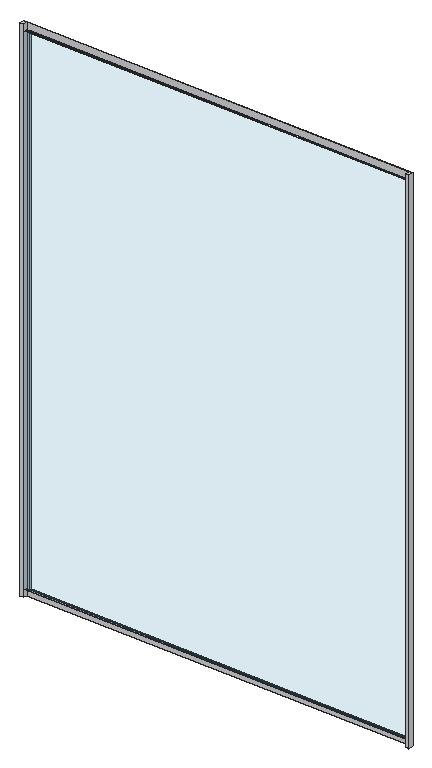
Revit family "ALSPEC HASTINGS 101.6 DGL GLZ", category Curtain Panels, Revit 2017
Family settings
  OmniClass Number = 23.25.20.14.11.11.17
  OmniClass Title = Infill Panels
  Always vertical = Yes
  Cut with Voids When Loaded = No
  Shared = No
Parameters
  YEAR = "2019"
  VERSION = "1.0"
  TODAYS DATE = "01.03.2019"
  OFFSET = 89 mm
  DOUBLE GLAZED THICKNESS = 25 mm
  CREATOR = " Scott Isouard"  # constant formula
  COMPANY = "Archvis"  # constant formula
  Analytic Construction = "<None>"
  ANZRC Compliant = yes
  A = if(DOUBLE GLAZED THICKNESS > 25 mm, 25 mm, if(DOUBLE GLAZED THICKNESS < 24 mm, 24 mm, DOUBLE GLAZED THICKNESS))  # 25 mm
Reference planes
  plane 1 "Center (Front/Back)": y = 0
  plane 2: z = 0
  plane 3 "Center (Left/Right)": x = 0
  plane 4 "Left": x = -1500
  plane 5 "Right": x = 1500
  plane 6 "Top": z = 4000
  plane 7: y = 83
  plane 8: x = -1550
  plane 9: x = 1550
  plane 10: z = -50
  plane 11: z = 4050
  plane 12: y = 89
  plane 13: y = 70.4
  plane 14: y = 64
Forms (mm)
  Extrusion 1, solid, material "Glass"
    sketch origin (0, 0, 0) x (1, 0, 0) y (0, 1, 0)
      loop
        line (-1525, 83) -> (1525, 83) -> (1525, 89) -> (-1525, 89) -> (-1525, 83)
      loop
        line (-1525, 70.4) -> (-1525, 64) -> (1525, 64) -> (1525, 70.4) -> (-1525, 70.4)
    from 0 to 4000
  Extrusion 2, solid
    sketch origin (-640, 0, 0) x (1, 0, 0) y (0, 1, 0)
      loop
        line (-860, 89) -> (2140, 89) -> (2140, 96) -> (-860, 96) -> (-860, 89)
    from 0 to -50
  Extrusion 3, solid
    sketch origin (-560, 0, 0) x (1, 0, 0) y (0, 1, 0)
      loop
        line (-940, 89) -> (2060, 89) -> (2060, 96) -> (-940, 96) -> (-940, 89)
    from 4050 to 4000
  Extrusion 4, solid
    sketch origin (0, 29, 0) x (1, 0, 0) y (0, 1, 0)
      loop
        line (-1550, 67) -> (-1550, 28) -> (-1525, 28) -> (-1525, 60) -> (-1500, 60) -> (-1500, 67) -> (-1550, 67)
    from -50 to 4050
  Extrusion 5, solid
    sketch origin (0, 29, 0) x (-1, 0, 0) y (0, -1, 0)
      loop
        line (-1550, -67) -> (-1500, -67) -> (-1500, -60) -> (-1525, -60) -> (-1525, -28) -> (-1550, -28) -> (-1550, -67)
    from -50 to 4050
Cuts and joins
  joined: Extrusion 2, Extrusion 3, Extrusion 4, Extrusion 5
Text (mm)
  text "Exterior" at (-2351.972, 1416.179, 0), in view "Ref. Level"
  text "Exterior" at (0, 2290.741, 4406.713), in view "Left"
  text "Exterior" at (0, 1328.187, 4120.349), in view "Right"
Dimensions and locks
  equal spacing: plane 4 "Left", plane 3 "Center (Left/Right)", plane 5 "Right"
  locked: plane 8 to plane 4 "Left" at 50
  locked: plane 5 "Right" to plane 9 at 50
  locked: plane 10 to plane 2 at 50
  locked: plane 6 "Top" to plane 11 at 50
  locked: Extrusion 4 sketch curve to Extrusion 4 sketch curve at 39
  locked: Extrusion 4 sketch curve to Extrusion 4 sketch curve at 25  (x2)
  locked: Extrusion 4 sketch curve to Extrusion 4 sketch curve at 7
  locked: Extrusion 5 sketch curve to Extrusion 5 sketch curve at 39
  locked: Extrusion 5 sketch curve to Extrusion 5 sketch curve at 25  (x2)
  Extrusion 5 sketch curve to Extrusion 5 sketch curve = 7 mm
  "OFFSET": plane 1 "Center (Front/Back)" to plane 12
  locked: plane 13 to plane 14 at 6.4
  locked: plane 12 to plane 7 at 6
  "A": plane 12 to plane 14
  aligned and locked: Extrusion 1 to plane 6 "Top"
  aligned and locked: plane 4 "Left" to Extrusion 2
  aligned and locked: Extrusion 2 to plane 5 "Right"
  aligned and locked: plane 10 to Extrusion 2
  aligned and locked: Extrusion 3 to plane 11
  aligned and locked: Extrusion 3 to plane 5 "Right"
  aligned and locked: plane 4 "Left" to Extrusion 3
  aligned and locked: Extrusion 2 to plane 2
  aligned and locked: plane 11 to Extrusion 3
  aligned and locked: Extrusion 3 to plane 6 "Top"
  aligned: Extrusion 4 to plane 6 "Top"
  aligned: Extrusion 4 to level
  aligned and locked: plane 12 to Extrusion 4
  aligned and locked: plane 12 to Extrusion 5
  aligned and locked: plane 12 to Extrusion 2
  aligned and locked: Extrusion 3 to Extrusion 5  (x2)
  aligned: Extrusion 5 to plane 6 "Top"
  aligned: Extrusion 5 to plane 2
  aligned and locked: Extrusion 4 to Extrusion 3
  aligned and locked: Extrusion 2 to Extrusion 4
  aligned and locked: Extrusion 5 to Extrusion 2
  aligned and locked: Extrusion 1 sketch curve to plane 7
  aligned and locked: Extrusion 1 sketch curve to plane 13
  aligned and locked: Extrusion 1 sketch curve to plane 12
  aligned and locked: Extrusion 5 sketch curve to cut or joined group of Extrusion 2, Extrusion 3, Extrusion 4, Extrusion 5
Automatic sketch dimensions
  Extrusion 2 sketch curve to plane 4 "Left" = 0 mm
  Extrusion 2 sketch curve to plane 5 "Right" = 0 mm
  Extrusion 2 sketch curve to plane 1 "Center (Front/Back)" = 89 mm
  Extrusion 2 sketch curve to Extrusion 2 sketch curve = 7 mm
  Extrusion 3 sketch curve to plane 4 "Left" = 0 mm
  Extrusion 3 sketch curve to plane 5 "Right" = 0 mm
  Extrusion 3 sketch curve to plane 1 "Center (Front/Back)" = 89 mm
  Extrusion 3 sketch curve to Extrusion 3 sketch curve = 7 mm
  Extrusion 5 sketch curve to plane 9 = 0 mm
  plane 4 "Left" to Extrusion 1 sketch curve = 25 mm
  Extrusion 1 sketch curve to Extrusion 1 sketch curve = 0 mm  (x2)
  Extrusion 1 sketch curve to plane 5 "Right" = 25 mm
  plane 14 to Extrusion 1 sketch curve = 0 mm
  Extrusion 4 sketch curve to plane 8 = 0 mm
  plane 12 to Extrusion 4 sketch curve = 0 mm
